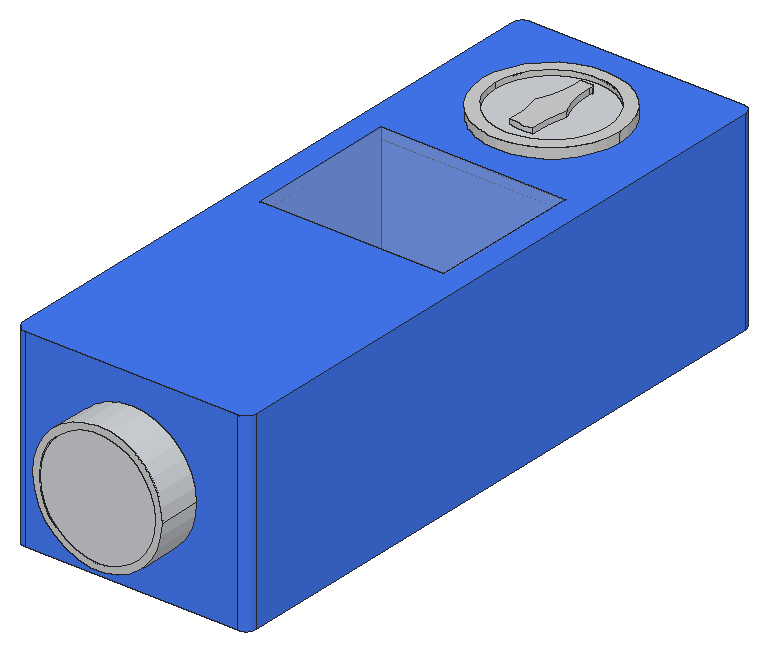
Revit family "Building-ConnessioniIEC309-GEWISS-66IB-PRESE-INTERBLOCCATE-HD_IP66_SENZA_FONDO_MOD", category Apparecchi elettrici, host Superficie, Revit 2019
Family settings
  Host = Superficie
  Mantenere orientamento annotazione = Sì
  Quota connettore circolare = Usa diametro
  Tipo di parte = Normale
  Taglio con vuoti quando caricato = Sì
  Condiviso = Sì
  Punto di calcolo locali = Sì
Parameters (values of type "GW66846 - PRESA BL.IP66 S.F.3P+T 32A 380V 3H A.M")
  volt = 0 V
  vetro = Default - Vetro
  presa = Grigio RAL - 7035
  n-poli = 1
  giallo = 0 mm
  dist_piano [instance] = 0 mm
  Vista_2d_pianta [instance] = yes
  Versione file RFA = "21.4"
  URL = "https://www.gewiss.com/it/it"
  Tipologia = "Verticale"
  Tipo di impiego = "Impieghi gravosi"
  Termopressione con biglia = "80 °C"
  Tensione nominale = "380-440V"
  Temperatura di utilizzo = "-25 +40 °C"
  Temperatura di funzionamento = "-25 ÷ +40 °C"
  Struttura = Grigio RAL - 7035
  Simbolo presa = PRESAINDSTAGNA : 3P
  Simbolo [instance] = no
  Simb_circuito [instance] = not(Simbolo)  # yes
  Scheda Tecnica = "https://www.gewiss.com/it/it/search?q=GW66846"
  SEO = "Presa"
  Riferimento h = "3"
  Resistenza agli urti a -20Â°C = "20J"
  Resistenza agli urti = "> IK10"
  Protezione = "Predisposta per app. modulari (6M)"
  Default Elevation = 1219.2 mm
  Produttore = "GEWISS S.p.A."
  Numero di poli = "3P+T"
  N. poli = "3P+T"
  Modello = "GW66846"
  Immagine tipo = O.jpg
  IDT = "b1e88bf2-d9e0-4d22-9355-672d9a796eac"
  IDF = "58d96e27-0e54-4204-8f81-f69c0b8c85c6"
  Grado di protezione = "IP66"
  Glow wire test: = "850 °C"
  Glow Wire Test = "850 °C"
  Frequenza nominale (Hz) = "50/60 Hz"
  Frequenza = "50/60 Hz"
  Distanza x [instance] = 500 mm
  Distanza orizzontale simbolo [instance] = 0 mm
  Distanza effettiva x [instance] = 1500 mm - Distanza x  # 1000 mm
  Descrizione = "PRESA BL.IP66 S.F.3P+T 32A 380V 3H A.M"
  Creato da GEWISS S.p.A. = ""
  Corrente nominale (In) = "32"
  Corrente nominale (A) = "32"
  Corpo presa = Light Blue
  Cornice simbolo [instance] = yes
  Con fondo = "No"
  Colore: = "Rosso"
  Colore = "Rosso"
  Codice Electrocod = "2222"
  Codice EAN = "8011564066885"
  Catalogo Serie = "66 IB"
  Catalogo = "BUILDING"
  COBie.Tagnumber = ""
  COBie.CreatedOn = ""
  COBie.CreatebBy = ""
  COBie.ComponentRegisterItemID = ""
  COBie.Component.TagNumber = ""
  COBie.Component.Space = ""
  COBie.Component.SerialNumber = ""
  COBie.Component.InstallationDate = ""
  COBie.Component.Description = ""
  COBie.Component.BarCode = ""
Types (23, lengths in mm): name | Tensione nominale | Scheda Tecnica | Riferimento h | Numero di poli | N. poli | Modello | IDT | Descrizione | Corrente nominale (In) | Corrente nominale (A) | Colore: | Colore | Codice EAN
  GW66824 - PRESA BL.IP66 S.F.2P+T 16A 110V 4H A.M | "100-130V" | "https://www.gewiss.com/it/it/search?q=GW66824" | "4" | "2P+T" | "2P+T" | "GW66824" | "20eb77f8-4248-4d95-bfca-ce8d5e2aec28" | "PRESA BL.IP66 S.F.2P+T 16A 110V 4H A.M" | "16" | "16" | "Giallo" | "Giallo" | "8011564066410"
  GW66825 - PRESA BL.IP66 S.F.3P+T 16A 110V 4H A.M | "100-130V" | "https://www.gewiss.com/it/it/search?q=GW66825" | "4" | "3P+T" | "3P+T" | "GW66825" | "fdccb483-7cbf-46be-b43b-3faa35533ec2" | "PRESA BL.IP66 S.F.3P+T 16A 110V 4H A.M" | "16" | "16" | "Giallo" | "Giallo" | "8011564066434"
  GW66826 - PRESA BL.IP66 S.F.3P+N+T 16A 110V 4H A.M | "100-130V" | "https://www.gewiss.com/it/it/search?q=GW66826" | "4" | "3P+N+T" | "3P+N+T" | "GW66826" | "cb8df13d-37ee-4447-b8a8-08e51bfaeab0" | "PRESA BL.IP66 S.F.3P+N+T 16A 110V 4H A.M" | "16" | "16" | "Giallo" | "Giallo" | "8011564066458"
  GW66827 - PRESA BL.IP66 S.F.2P+T 16A 230V 6H A.M | "200-250V" | "https://www.gewiss.com/it/it/search?q=GW66827" | "6" | "2P+T" | "2P+T" | "GW66827" | "72222080-08f8-4fb9-92b8-9283e735ff57" | "PRESA BL.IP66 S.F.2P+T 16A 230V 6H A.M" | "16" | "16" | "Blu" | "Blu" | "8011564066472"
  GW66828 - PRESA BL.IP66 S.F.3P+T 16A 230V 9H A.M | "200-250V" | "https://www.gewiss.com/it/it/search?q=GW66828" | "9" | "3P+T" | "3P+T" | "GW66828" | "9f284fe5-75e3-413e-9d18-4e767b556c35" | "PRESA BL.IP66 S.F.3P+T 16A 230V 9H A.M" | "16" | "16" | "Blu" | "Blu" | "8011564066496"
  GW66829 - PRESA BL.IP66 S.F.3P+N+T 16A 230V 9H A.M | "200-250V" | "https://www.gewiss.com/it/it/search?q=GW66829" | "9" | "3P+N+T" | "3P+N+T" | "GW66829" | "ab790618-aa41-466b-82ab-d52cd2c313e7" | "PRESA BL.IP66 S.F.3P+N+T 16A 230V 9H A.M" | "16" | "16" | "Blu" | "Blu" | "8011564066502"
  GW66830 - PRESA BL.IP66 S.F.2P+T 16A 400V 9H A.M | "380-415V" | "https://www.gewiss.com/it/it/search?q=GW66830" | "9" | "2P+T" | "2P+T" | "GW66830" | "ffdd874b-c321-416d-ac59-ed100a0414d9" | "PRESA BL.IP66 S.F.2P+T 16A 400V 9H A.M" | "16" | "16" | "Rosso" | "Rosso" | "8011564066526"
  GW66831 - PRESA BL.IP66 S.F.3P+T 16A 400V 6H A.M | "380-415V" | "https://www.gewiss.com/it/it/search?q=GW66831" | "6" | "3P+T" | "3P+T" | "GW66831" | "297c411b-a0f8-477d-bb74-8b6eb825cdf6" | "PRESA BL.IP66 S.F.3P+T 16A 400V 6H A.M" | "16" | "16" | "Rosso" | "Rosso" | "8011564066540"
  GW66832 - PRESA BL.IP66 S.F.3P+N+T 16A 400V 6H A.M | "380-415V" | "https://www.gewiss.com/it/it/search?q=GW66832" | "6" | "3P+N+T" | "3P+N+T" | "GW66832" | "8cd1f61f-eff6-4ed5-bc8b-e5c870e0e18c" | "PRESA BL.IP66 S.F.3P+N+T 16A 400V 6H A.M" | "16" | "16" | "Rosso" | "Rosso" | "8011564066564"
  GW66833 - PRESA BL.IP66 S.F.3P+T 16A 500V 7H A.M | "480-500V" | "https://www.gewiss.com/it/it/search?q=GW66833" | "7" | "3P+T" | "3P+T" | "GW66833" | "333981c8-1801-4dc1-894e-bfc7a2cd9881" | "PRESA BL.IP66 S.F.3P+T 16A 500V 7H A.M" | "16" | "16" | "Nero" | "Nero" | "8011564066571"
  GW66834 - PRESA BL.IP66 S.F.3P+N+T 16A 500V 7H A.M | "480-500V" | "https://www.gewiss.com/it/it/search?q=GW66834" | "7" | "3P+N+T" | "3P+N+T" | "GW66834" | "b7952236-fd9c-4338-ac82-6266ef3ce7df" | "PRESA BL.IP66 S.F.3P+N+T 16A 500V 7H A.M" | "16" | "16" | "Nero" | "Nero" | "8011564066595"
  GW66835 - PRESA BL.IP66 S.F.2P+T 32A 110V 4H A.M | "100-130V" | "https://www.gewiss.com/it/it/search?q=GW66835" | "4" | "2P+T" | "2P+T" | "GW66835" | "c34e1178-b522-421a-ac53-01442ce4dc95" | "PRESA BL.IP66 S.F.2P+T 32A 110V 4H A.M" | "32" | "32" | "Giallo" | "Giallo" | "8011564066656"
  GW66836 - PRESA BL.IP66 S.F.3P+T 32A 110V 4H A.M | "100-130V" | "https://www.gewiss.com/it/it/search?q=GW66836" | "4" | "3P+T" | "3P+T" | "GW66836" | "2dd5c171-f2e1-4879-a587-9eacbb751f92" | "PRESA BL.IP66 S.F.3P+T 32A 110V 4H A.M" | "32" | "32" | "Giallo" | "Giallo" | "8011564066670"
  GW66837 - PRESA BL.IP66 S.F.3P+N+T 32A 110V 4H A.M | "100-130V" | "https://www.gewiss.com/it/it/search?q=GW66837" | "4" | "3P+N+T" | "3P+N+T" | "GW66837" | "1cdf97b4-150b-46a1-aaf7-5864b9942503" | "PRESA BL.IP66 S.F.3P+N+T 32A 110V 4H A.M" | "32" | "32" | "Giallo" | "Giallo" | "8011564066694"
  GW66838 - PRESA BL.IP66 S.F.2P+T 32A 230V 6H A.M | "200-250V" | "https://www.gewiss.com/it/it/search?q=GW66838" | "6" | "2P+T" | "2P+T" | "GW66838" | "4d3275da-9033-4b12-b678-f7a6df63da63" | "PRESA BL.IP66 S.F.2P+T 32A 230V 6H A.M" | "32" | "32" | "Blu" | "Blu" | "8011564066700"
  GW66839 - PRESA BL.IP66 S.F.3P+T 32A 230V 9H A.M | "200-250V" | "https://www.gewiss.com/it/it/search?q=GW66839" | "9" | "3P+T" | "3P+T" | "GW66839" | "3f230389-3816-45c9-b8c6-ab6263b4c8d7" | "PRESA BL.IP66 S.F.3P+T 32A 230V 9H A.M" | "32" | "32" | "Blu" | "Blu" | "8011564066724"
  GW66840 - PRESA BL.IP66 S.F.3P+N+T 32A 230V 9H A.M | "200-250V" | "https://www.gewiss.com/it/it/search?q=GW66840" | "9" | "3P+N+T" | "3P+N+T" | "GW66840" | "25dd4e21-96b4-46e2-b418-539e53d79e61" | "PRESA BL.IP66 S.F.3P+N+T 32A 230V 9H A.M" | "32" | "32" | "Blu" | "Blu" | "8011564066748"
  GW66841 - PRESA BL.IP66 S.F.2P+T 32A 400V 9H A.M | "380-415V" | "https://www.gewiss.com/it/it/search?q=GW66841" | "9" | "2P+T" | "2P+T" | "GW66841" | "65129d75-b882-47fb-bd91-e6338b089d86" | "PRESA BL.IP66 S.F.2P+T 32A 400V 9H A.M" | "32" | "32" | "Rosso" | "Rosso" | "8011564066762"
  GW66842 - PRESA BL.IP66 S.F.3P+T 32A 400V 6H A.M | "380-415V" | "https://www.gewiss.com/it/it/search?q=GW66842" | "6" | "3P+T" | "3P+T" | "GW66842" | "656fe202-0bcb-48c9-91aa-ca1df711ee68" | "PRESA BL.IP66 S.F.3P+T 32A 400V 6H A.M" | "32" | "32" | "Rosso" | "Rosso" | "8011564066786"
  GW66843 - PRESA BL.IP66 S.F.3P+N+T 32A 400V 6H A.M | "380-415V" | "https://www.gewiss.com/it/it/search?q=GW66843" | "6" | "3P+N+T" | "3P+N+T" | "GW66843" | "3630bda8-c9f8-4124-839e-0e6eeb4ffbda" | "PRESA BL.IP66 S.F.3P+N+T 32A 400V 6H A.M" | "32" | "32" | "Rosso" | "Rosso" | "8011564066809"
  GW66844 - PRESA BL.IP66 S.F.3P+T 32A 500V 7H A.M | "480-500V" | "https://www.gewiss.com/it/it/search?q=GW66844" | "7" | "3P+T" | "3P+T" | "GW66844" | "908b8bd6-132c-4e13-ac90-51004f1b28bd" | "PRESA BL.IP66 S.F.3P+T 32A 500V 7H A.M" | "32" | "32" | "Nero" | "Nero" | "8011564066847"
  GW66845 - PRESA BL.IP66 S.F.3P+N+T 32A 500V 7H A.M | "480-500V" | "https://www.gewiss.com/it/it/search?q=GW66845" | "7" | "3P+N+T" | "3P+N+T" | "GW66845" | "737f2157-10a7-4dfc-bce8-34b86146e7e3" | "PRESA BL.IP66 S.F.3P+N+T 32A 500V 7H A.M" | "32" | "32" | "Nero" | "Nero" | "8011564066861"
  GW66846 - PRESA BL.IP66 S.F.3P+T 32A 380V 3H A.M | "380-440V" | "https://www.gewiss.com/it/it/search?q=GW66846" | "3" | "3P+T" | "3P+T" | "GW66846" | "b1e88bf2-d9e0-4d22-9355-672d9a796eac" | "PRESA BL.IP66 S.F.3P+T 32A 380V 3H A.M" | "32" | "32" | "Rosso" | "Rosso" | "8011564066885"
Reference planes
  plane 1 "Centro (Fronte/Retro)": y = 0
  plane 2: z = 0
  plane 3 "Centro (Sinistra/Destra)": x = 0
  plane 4: z = -2
  plane 5: x = -500
  plane 6: x = -1500
  plane 7: x = -500
  plane 8: through (-170.762, -4572, -38.353) normal (-0.6157, 0, 0.788)
  plane 9: x = -51.152
  plane 10: x = 53.222
  plane 11: z = -2
  plane 12: x = -74
  plane 13: x = 74
  plane 14: y = 392
  plane 15: y = -2
Forms (mm)
  Extrusion 1, solid, detail levels coarse
    sketch origin (0, 0, 0) x (1, 0, 0) y (0, 1, 0)
      loop
        line (-74, 392) -> (-74, -2) -> (74, -2) -> (74, 392) -> (-74, 392)
    from 0 to 123
Lines and regions (mm)
  Masking region 1, visible <- "Vista_2d_pianta"
    outline origin (0, 0, 0) x (1, 0, 0) y (0, 0, 1)
  Masking region 2, visible <- "Vista_2d_pianta"
    outline origin (0, 0, 0) x (1, 0, 0) y (0, 0, 1)
      loop
        line (-74, 0) -> (74, 0) -> (74, 123) -> (-74, 123) -> (-74, 0)
Dimensions and locks
  locked: plane 2 to plane 4 at 2
  "Distanza effettiva x": plane 5 to plane 6
  plane 3 "Centro (Sinistra/Destra)" to plane 6 = 1500 mm
  "Distanza effettiva x": plane 6 to plane 7
  locked: plane 15 to plane 1 "Centro (Fronte/Retro)" at 2
  locked: plane 12 to nested 1 at 2
  locked: nested 1 to plane 13 at 2
  locked: plane 14 to nested 1 at 2
  "dist_piano": plane 11 to plane 4
  plane 6 to plane 3 "Centro (Sinistra/Destra)" = 1500 mm
  angle plane 8 to plane 4 = 142.00°
  angle plane 7 to plane 8 = 128.00°
  aligned and locked: plane 2 to host face
  aligned and locked: level to host face
  aligned and locked: plane 3 "Centro (Sinistra/Destra)" to nested 1
  aligned and locked: plane 7 to nested 2
  aligned and locked: plane 7 to nested 3
  aligned and locked: Masking region 2 to plane 12
  aligned and locked: plane 13 to Masking region 2
  aligned and locked: Masking region 2 to level
  aligned and locked: nested 1 to plane 11
  aligned and locked: Masking region 2 to nested 1
  aligned and locked: Extrusion 1 sketch curve to plane 12
  aligned and locked: Extrusion 1 sketch curve to plane 14
  aligned and locked: Extrusion 1 sketch curve to plane 13
  aligned and locked: Extrusion 1 sketch curve to plane 15
  aligned and locked: Extrusion 1 to nested 1
  aligned and locked: Extrusion 1 to level
Automatic sketch dimensions
  host sketch curve to host sketch curve = 2438.4 mm  (x2)
  Masking region 2 sketch curve to plane 10 = 20.778 mm
  plane 9 to Masking region 2 sketch curve = 22.848 mm
  level to Masking region 2 sketch curve = 0 mm
  Masking region 2 sketch curve to Masking region 2 sketch curve = 123 mm
Nested families
  nested 1: "GW66824_no fondo_master" at (0, 0, -77), type "GW66824_no fondo_master", detail levels medium+fine
  nested 2: "simbolo_circuito" at (-500, 30.442, 0), Distanza dal muro <- "Distanza orizzontale simbolo", SIMBOLO ACCESO <- "Simb_circuito", type "3P"
    with SIMBOLO ACCESO yes, Distanza dal muro 0 mm, BORDO ACCESO yes
  nested 3: "PRESAINDSTAGNA" at (-500, 23.722, 0), Distanza dal muro <- "Distanza orizzontale simbolo", SIMBOLO ACCESO <- "Simbolo", type "3P"
    with SIMBOLO ACCESO no, Distanza dal muro 0 mm, BORDO ACCESO yes
Connectors
  electrical at (0, 195.052, -2), driven by "n-poli", driven by "volt"
    settings: on nested 1, index 1, voltage 0 V, apparent load 0 VA, apparent load phase1 0 VA, apparent load phase2 0 VA, apparent load phase3 0 VA, power factor 1, load classification "Altro", number of poles 1, system type 31, power factor state 1, is connector primary yes, connector utility no, sub classification motor no, connector description ""
Definition of nested family "GW66824_no fondo_master"
  Parameters (values of type "GW66824_no fondo_master")
    w = 144 mm
    sp_interbloccata = 119 mm
    d_piano = 75 mm
    corpo presa = none
    Vetro = none
    Struttura = none
    Spessore = 30 mm
    Raggio = 40 mm
    Default Elevation = 14 mm
    Presa = none
    Lunghezza = 103 mm
    IFC.TypeObject = ""
    IFC.ExportType = ""
    IFC.ExportAs = ""
    H_da terra = 586.883 mm
    COBie.CreatedOn = ""
    COBie.CreatebBy = ""
    COBie.ComponentRegisterItemID = ""
    COBie.Component.TagNumber = ""
    COBie.Component.Space = ""
    COBie.Component.SerialNumber = ""
    COBie.Component.InstallationDate = ""
    COBie.Component.Description = ""
    COBie.Component.BarCode = ""
    Altezza = 390 mm
  Reference planes
    plane 1 "Centro (Fronte/Retro)": y = 0
    plane 2: z = 0
    plane 3 "Centro (Sinistra/Destra)": x = 0
    plane 4 "presa": z = 210
    plane 5: z = 200
    plane 6: z = 194
    plane 7: x = -72
    plane 8: x = 72
    plane 9: y = 390
    plane 10: y = 0
    plane 11: y = 324
    plane 12: z = 197
    plane 13: y = 217
    plane 14: x = -57
    plane 15: x = 57
    plane 16: y = 264
    plane 17: y = 170
    plane 18: z = 84.858
    plane 19: z = 187.562
    plane 20: z = 75
    plane 21: z = 136.21
    plane 22 "presa fronte": y = -26
  Forms (mm)
    Extrusion 1, solid, material <- "Struttura"
      sketch origin (0, -427.104, -30) x (1, 0, 0) y (0, 1, 0)
        loop
          circle (0, 751.104) r 34.75
        loop
          circle (0, 751.104) r 42.079
      from 224 to 230
    Extrusion 2, solid, material <- "Struttura"
      sketch origin (0, -427.104, -30) x (1, 0, 0) y (0, 1, 0)
        loop
          arc (-9.552, 750.899) -> (-7.429, 739.645) -> (-7.314, 728.193) r 64.983
          arc (-7.314, 728.193) -> (-0.131, 727.067) -> (7.064, 728.115) r 24.316
          arc (7.064, 728.115) -> (7.302, 739.566) -> (9.547, 750.796) r 64.983
          arc (9.547, 750.796) -> (5.519, 762.425) -> (4.215, 774.661) r 54.251
          line (4.215, 774.661) -> (4.25, 777.658)
          arc (4.25, 777.658) -> (3.985, 778.329) -> (3.336, 778.647) r 1
          arc (3.336, 778.647) -> (0.147, 778.794) -> (-3.043, 778.682) r 39.364
          arc (-3.043, 778.682) -> (-3.695, 778.371) -> (-3.967, 777.702) r 1
          line (-3.967, 777.702) -> (-3.964, 774.706)
          arc (-3.964, 774.706) -> (-5.4, 762.483) -> (-9.552, 750.899) r 54.251
      from 224 to 230
    Extrusion 3, solid, material <- "corpo presa"
      sketch origin (-2.5, -699.604, -30) x (1, 0, 0) y (0, 1, 0)
        loop
          arc (74.5, 1083.298) -> (72.653, 1087.757) -> (68.194, 1089.604) r 6.306
          line (68.194, 1089.604) -> (-63.194, 1089.604)
          arc (-63.194, 1089.604) -> (-67.653, 1087.757) -> (-69.5, 1083.298) r 6.306
          line (-69.5, 1083.298) -> (-69.5, 706.118)
          arc (-69.5, 706.118) -> (-67.592, 701.512) -> (-62.985, 699.604) r 6.515
          line (-62.985, 699.604) -> (67.985, 699.604)
          arc (67.985, 699.604) -> (72.592, 701.512) -> (74.5, 706.118) r 6.515
          line (74.5, 706.118) -> (74.5, 1083.298)
      from 105 to 224
    Extrusion 4, solid
      sketch origin (0, 0, 210) x (0, -1, 0) y (1, 0, 0)
        loop
          circle (-324, 0) r 34.75
      from -16 to -13
    Extrusion 5, void
      sketch origin (0, 0, 210) x (0, -1, 0) y (1, 0, 0)
        loop
          line (-170, -57) -> (-170, 57) -> (-264, 57) -> (-264, -57) -> (-170, -57)
      from -125.142 to -16
    Extrusion 6, solid, material <- "Vetro"
      sketch origin (0, 0, 210) x (0, -1, 0) y (1, 0, 0)
        loop
          line (-170, -57) -> (-170, 57) -> (-264, 57) -> (-264, -57) -> (-170, -57)
      from -22.438 to -16
    Extrusion 7, solid, material <- "Presa"
      sketch origin (0, 0, 0) x (1, 0, 0) y (0, 0, 1)
        loop
          circle (0, 136.21) r 40
        loop
          circle (0, 136.21) r 36
      from 0 to 26
    Extrusion 8, solid
      sketch origin (0, 0, 0) x (1, 0, 0) y (0, 0, 1)
        loop
          circle (0, 136.21) r 40
      from 0 to 26
  Cuts and joins
    Extrusion 5 cuts Extrusion 3
  Lines and regions (mm)
    symbolic lines
      curve 1: line (0, -26, 178.929) -> (0, -26, 99.929)
      curve 2: line (50, -26, 136.21) -> (-50, -26, 136.21)
  Dimensions and locks
    locked: plane 5 to plane 4 "presa" at 10
    locked: plane 6 to plane 5 at 6
    equal spacing: plane 7, plane 3 "Centro (Sinistra/Destra)", plane 8
    "w": plane 7 to plane 8
    "Altezza": plane 1 "Centro (Fronte/Retro)" to plane 9
    locked: plane 9 to plane 11 at 66
    locked: plane 12 to plane 6 at 3
    locked: plane 9 to plane 13 at 173
    equal spacing: plane 14, plane 3 "Centro (Sinistra/Destra)", plane 15
    plane 14 to plane 15 = 114 mm
    equal spacing: plane 16, plane 13, plane 17
    locked: plane 16 to plane 17 at 94
    locked: plane 6 to plane 19 at 6.438
    "sp_interbloccata": plane 6 to plane 20
    "d_piano": plane 20 to level
    locked: plane 18 to plane 20 at 9.858
    locked: plane 22 "presa fronte" to plane 10 at 26
    equal spacing: plane 18, plane 21, plane 19
    diameter of Extrusion 1 sketch curve = 69.5 mm
    radius of Extrusion 4 sketch curve = 34.75 mm
    aligned and locked: level to plane 2
    aligned and locked: Extrusion 1 to Extrusion 3
    aligned and locked: Extrusion 2 to Extrusion 1
    aligned and locked: Extrusion 1 to Extrusion 2
    aligned and locked: Extrusion 3 to plane 6
    aligned and locked: Extrusion 1 to plane 5
    aligned and locked: Extrusion 3 sketch curve to plane 7
    aligned and locked: Extrusion 3 sketch curve to plane 8
    aligned and locked: Extrusion 3 sketch curve to plane 9
    aligned and locked: plane 10 to Extrusion 3 sketch curve
    aligned and locked: plane 10 to plane 1 "Centro (Fronte/Retro)"
    aligned and locked: plane 11 to Extrusion 1 sketch curve
    aligned and locked: plane 3 "Centro (Sinistra/Destra)" to Extrusion 1 sketch curve
    aligned and locked: plane 3 "Centro (Sinistra/Destra)" to Extrusion 4 sketch curve
    aligned and locked: plane 11 to Extrusion 4 sketch curve
    aligned and locked: plane 6 to Extrusion 4
    aligned and locked: plane 12 to Extrusion 4
    aligned and locked: Extrusion 5 sketch curve to plane 14
    aligned and locked: Extrusion 5 sketch curve to plane 17
    aligned and locked: Extrusion 5 sketch curve to plane 15
    aligned and locked: Extrusion 5 sketch curve to plane 16
    aligned and locked: Extrusion 5 to plane 18
    aligned and locked: Extrusion 5 to plane 6
    aligned and locked: Extrusion 6 sketch curve to plane 14
    aligned and locked: Extrusion 6 sketch curve to plane 17
    aligned and locked: Extrusion 6 sketch curve to plane 16
    aligned and locked: Extrusion 6 sketch curve to plane 15
    aligned and locked: Extrusion 6 to plane 19
    aligned and locked: Extrusion 6 to plane 6
    aligned and locked: plane 20 to cut or joined group of Extrusion 3, Extrusion 5
    aligned and locked: plane 3 "Centro (Sinistra/Destra)" to Extrusion 7 sketch curve
    aligned and locked: plane 21 to Extrusion 7 sketch curve
    aligned and locked: Extrusion 7 to plane 22 "presa fronte"
    aligned and locked: plane 3 "Centro (Sinistra/Destra)" to Extrusion 8 sketch curve
    aligned and locked: plane 21 to Extrusion 8 sketch curve
    aligned and locked: Extrusion 8 to plane 1 "Centro (Fronte/Retro)"
    aligned and locked: Extrusion 8 to plane 22 "presa fronte"
    aligned and locked: plane 3 "Centro (Sinistra/Destra)" to curve 1
    aligned and locked: curve 2 to plane 21
  Automatic sketch dimensions
    Extrusion 2 sketch curve to plane 3 "Centro (Sinistra/Destra)" = 0 mm
    Extrusion 2 sketch curve to plane 3 "Centro (Sinistra/Destra)" = 0.064 mm
    Extrusion 2 sketch curve to plane 3 "Centro (Sinistra/Destra)" = 2.967 mm
    Extrusion 2 sketch curve to Extrusion 2 sketch curve = 0.997 mm
    Extrusion 2 sketch curve to Extrusion 2 sketch curve = 1 mm  (x2)
    Extrusion 2 sketch curve to Extrusion 2 sketch curve = 54.251 mm
    Extrusion 2 sketch curve to Extrusion 2 sketch curve = 13.883 mm
    plane 3 "Centro (Sinistra/Destra)" to Extrusion 2 sketch curve = 3.25 mm
    Extrusion 2 sketch curve to Extrusion 2 sketch curve = 0.965 mm
    Extrusion 2 sketch curve to Extrusion 2 sketch curve = 54.25 mm
    Extrusion 2 sketch curve to Extrusion 2 sketch curve = 13.435 mm
    Extrusion 2 sketch curve to plane 1 "Centro (Fronte/Retro)" = 305.393 mm
    Extrusion 2 sketch curve to plane 1 "Centro (Fronte/Retro)" = 306.167 mm
    Extrusion 2 sketch curve to plane 1 "Centro (Fronte/Retro)" = 312.327 mm
    Extrusion 2 sketch curve to Extrusion 2 sketch curve = 11.953 mm
    Extrusion 2 sketch curve to Extrusion 2 sketch curve = 41.757 mm
    Extrusion 2 sketch curve to Extrusion 2 sketch curve = 23.278 mm
    Extrusion 2 sketch curve to Extrusion 2 sketch curve = 0.044 mm
    Extrusion 2 sketch curve to Extrusion 2 sketch curve = 41.61 mm
    Extrusion 2 sketch curve to Extrusion 2 sketch curve = 2.99 mm
    Extrusion 2 sketch curve to Extrusion 2 sketch curve = 0.007 mm
    Extrusion 2 sketch curve to Extrusion 2 sketch curve = 2.979 mm
    Extrusion 2 sketch curve to Extrusion 2 sketch curve = 0.018 mm
    Extrusion 2 sketch curve to Extrusion 2 sketch curve = 0 mm
    Extrusion 2 sketch curve to plane 3 "Centro (Sinistra/Destra)" = 7.314 mm
    Extrusion 2 sketch curve to Extrusion 2 sketch curve = 9.552 mm
    plane 3 "Centro (Sinistra/Destra)" to Extrusion 2 sketch curve = 7.064 mm
    Extrusion 3 sketch curve to Extrusion 3 sketch curve = 6.306 mm  (x2)
    Extrusion 3 sketch curve to Extrusion 3 sketch curve = 6.515 mm  (x2)
    Extrusion 1 sketch curve to Extrusion 1 sketch curve = 0 mm  (x2)
    Extrusion 7 sketch curve to Extrusion 7 sketch curve = 0 mm  (x2)
    plane 18 to curve 1 = 15.071 mm
    curve 1 to plane 19 = 8.633 mm
    curve 2 to plane 14 = 7 mm
    plane 15 to curve 2 = 7 mm
    radius of Extrusion 1 sketch curve = 42.079 mm
    radius of Extrusion 7 sketch curve = 40 mm
    radius of Extrusion 7 sketch curve = 36 mm
    radius of Extrusion 8 sketch curve = 40 mm
Definition of nested family "simbolo_circuito"
  Parameters (values of type "3P")
    SIMBOLO ACCESO [instance] = yes
    SIMBOLO = PRESAINDSTAGNA_BASE : 3P
    Distanza dal muro [instance] = 0 mm
    BORDO ACCESO [instance] = yes
  Reference planes
    plane 1: y = 0
    plane 2: x = 0
  Dimensions and locks
    "Distanza dal muro": plane 1 to nested 1
    aligned and locked: plane 2 to nested 1
  Nested families
    nested 1: "simb_base_di circuito" at (0, 0, 0), visible <- "SIMBOLO ACCESO", type "3P"
      with CORNICE SIMBOLO yes
  Definition of nested family "simb_base_di circuito"
    Parameters (values of type "3P")
      CORNICE SIMBOLO [instance] = yes
      3P = yes
    Types (2, lengths in mm): name | 3P
      3P | yes
      2P | no
    Reference planes
      plane 1: y = 0
      plane 2: x = 0
    Lines and regions (mm)
      detail lines, not visible
        curve 1: line (-2.443, 10.208, 0) -> (2.057, 10.208, 0)
        curve 2: line (2.057, 10.208, 0) -> (2.057, 4.208, 0)
        curve 3: line (2.057, 4.208, 0) -> (-2.443, 4.208, 0)
        curve 4: line (-2.443, 4.208, 0) -> (-2.443, 10.208, 0)
        curve 5: line (-2.043, 9.808, 0) -> (1.657, 9.808, 0)
        curve 6: line (1.657, 9.808, 0) -> (1.657, 4.608, 0)
        curve 7: line (1.657, 4.608, 0) -> (-2.043, 4.608, 0)
        curve 8: line (-2.043, 4.608, 0) -> (-2.043, 9.808, 0)
    Dimensions and locks
      aligned and locked: import instance to plane 2
      aligned and locked: plane 1 to import instance
Definition of nested family "PRESAINDSTAGNA"
  Parameters (values of type "3P")
    SIMBOLO ACCESO [instance] = yes
    SIMBOLO = PRESAINDSTAGNA_BASE : 3P
    Distanza dal muro [instance] = 0 mm
    BORDO ACCESO [instance] = yes
  Types (2): name
    2P
    3P
  Reference planes
    plane 1: y = 0
    plane 2: x = 0
  Dimensions and locks
    "Distanza dal muro": plane 1 to nested 1
    aligned and locked: plane 2 to nested 1
  Nested families
    nested 1: "PRESAINDSTAGNA_BASE" at (0, 0, 0), type <- "SIMBOLO", CORNICE SIMBOLO <- "BORDO ACCESO", visible <- "SIMBOLO ACCESO", type "3P"
  Definition of nested family "PRESAINDSTAGNA_BASE"
    Parameters (values of type "3P")
      CORNICE SIMBOLO [instance] = yes
      3P = yes
    Types (2, lengths in mm): name | 3P
      3P | yes
      2P | no
    Reference planes
      plane 1: y = 0
      plane 2: x = 0
    Lines and regions (mm)
      detail lines, not visible
        curve 1: line (-2.443, 10.208, 0) -> (2.057, 10.208, 0)
        curve 2: line (2.057, 10.208, 0) -> (2.057, 4.208, 0)
        curve 3: line (2.057, 4.208, 0) -> (-2.443, 4.208, 0)
        curve 4: line (-2.443, 4.208, 0) -> (-2.443, 10.208, 0)
        curve 5: line (-2.043, 9.808, 0) -> (1.657, 9.808, 0)
        curve 6: line (1.657, 9.808, 0) -> (1.657, 4.608, 0)
        curve 7: line (1.657, 4.608, 0) -> (-2.043, 4.608, 0)
        curve 8: line (-2.043, 4.608, 0) -> (-2.043, 9.808, 0)
      detail lines
        curve 9: line (-0.333, 0.928, 0) -> (-0.05, 0.928, 0)
        curve 10: line (-0.05, 0.928, 0) -> (0.417, 1.737, 0)
        curve 11: line (0.417, 1.737, 0) -> (0.764, 1.537, 0)
        curve 12: line (-0.05, 0.928, 0) -> (-0.333, 0.437, 0)
        curve 13: line (-0.333, 0.437, 0) -> (-0.333, 2.059, 0)
        curve 14: line (0.222, 1.399, 0) -> (0.569, 1.199, 0)
        curve 15: line (-0.723, 0.437, 0) -> (0.057, 0.437, 0)
        curve 16: line (-0.333, 0.81, 0) -> (-0.216, 0.928, 0)
        curve 17: line (-0.333, 0.741, 0) -> (-0.147, 0.928, 0)
        curve 18: line (-0.333, 0.672, 0) -> (-0.078, 0.928, 0)
        curve 19: line (-0.333, 0.603, 0) -> (-0.106, 0.831, 0)
        curve 20: line (-0.333, 0.534, 0) -> (-0.2, 0.668, 0)
        curve 22: arc (-0.723, 0.047, 0) -> (-0.333, 0.437, 0) -> (0.057, 0.047, 0) r 0.39
        curve 23: line (-0.8, 2.1, 0) -> (0.8, 2.1, 0)
        curve 24: line (-0.8, 0, 0) -> (-0.8, 2.1, 0)
        curve 25: line (0.8, 0, 0) -> (-0.8, 0, 0)
        curve 26: line (0.8, 2.1, 0) -> (0.8, 0, 0)
      detail lines, visible <- "3P"
        curve 21: line (0.028, 1.061, 0) -> (0.374, 0.861, 0)
